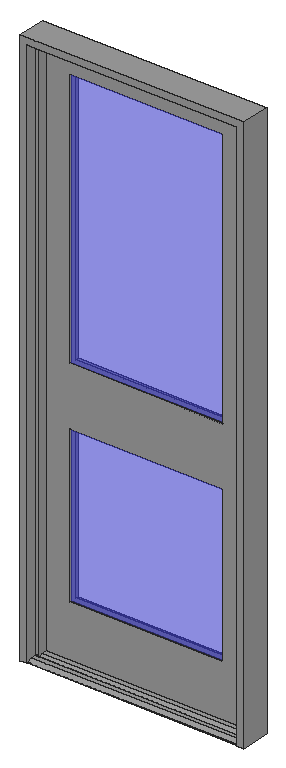
Revit family "MSD-375 DOOR-1-CW_v04", category Curtain Panels, Revit 2015
Parameters
  Width [instance] = 3' - 2"
  URL = "obe.com"
  Rough Width [instance] = 3' - 0"
  Panel Width [instance] = [Min-Max Panel Width]  # 3' - 0"
  Panel Offset [instance] = 0' - 0"
  Offset [instance] = 0' - 1"
  Model = "MSD-375 DOOR"
  Min-Max Rough Width [instance] = if(and((Rough Width > 3' 2 1/4"), (Rough Width < 3' 8 1/256")), Rough Width, 3' 2 1/4")  # 3' - 2 1/4"
  Min-Max Panel Width [instance] = if(and((Rough Width > 3' 2 1/4"), (Rough Width < 3' 8 1/256")), Rough Width - 0' 2 1/4", 3' 0")  # 3' - 0"
  Manufacturer = "Oldcastle BuildingEnvelope®"
  Keynote = "08 11 00"
  Hinge [instance] = yes
  Height [instance] = 8' - 0"
  Pushbar Height [instance] = 3' - 5 1/4"  # constant formula
  Glass Material = Glass
  Frame Material = Aluminum
  Door Panel Height [instance] = Height - 0' 0 29/32"  # 7' - 11 3/32"
  Description = "MSD-375 - 1\" Door Infill"
  Assembly Code = "B2030"
  Analytic Construction = "<None>"
  8 Muntin [instance] = not([6.5 Muntin])  # yes
  6.5 Muntin [instance] = no
Reference planes (in)
  plane 1 "Front": y = 0
  plane 2: z = 0
  plane 3 "Center (Left/Right)": x = 0
  plane 4 "Left": x = -19
  plane 5 "Right": x = 19
  plane 6 "Top": z = 96
  plane 7 "Offset": y = -1
  plane 8: y = -1.86965
  plane 9: y = -1.86965
  plane 10: x = 19.125
  plane 11: x = -19.125
Forms (in)
  Sweep 1, solid, material "Aluminum" <- "Frame Material"
    path origin (0, -1, 0) x (-1, 0, 0) y (0, 0, 1)
      loop
        line (19.125, 0) -> (19.125, 96)
    profile origin (-19.125, -1, 48) x (1, 0, 0) y (0, 1, 0)
      loop
        line (1.125, -1.8814) -> (1.125, 0) -> (0, 0) -> (0, -5) -> (1.125, -5) -> (1.125, -3.2564) -> (1.875, -3.2564) -> (1.875, -1.8814) -> (1.125, -1.8814)
  Sweep 2, solid, material "Aluminum" <- "Frame Material"
    path origin (0, -1, 0) x (-1, 0, 0) y (0, 0, 1)
      loop
        line (-19.125, 0) -> (-19.125, 96)
    profile origin (19.125, -1, 48) x (1, 0, 0) y (0, 1, 0)
      loop
        line (-1.125, -1.8814) -> (-1.875, -1.8814) -> (-1.875, -3.2564) -> (-1.125, -3.2564) -> (-1.125, -5) -> (0, -5) -> (0, 0) -> (-1.125, 0) -> (-1.125, -1.8814)
  Sweep 3, solid, material "Aluminum" <- "Frame Material"
    path origin (0, -1, 0) x (-1, 0, 0) y (0, 0, 1)
      loop
        line (-19.125, 96) -> (19.125, 96)
    profile origin (0, -1, 96) x (0, 0, 1) y (0, 1, 0)
      loop
        line (-1.125, 0) -> (-1.125, -1.875) -> (-1.625, -1.875) -> (-1.625, -3.24) -> (-1.125, -3.24) -> (-1.125, -5) -> (0, -5) -> (0, 0) -> (-1.125, 0)
Cuts and joins
  joined: Sweep 1, Sweep 2, Sweep 3
Text (in)
  text "Exterior" at (-54.29358, 31.38743, 0), in view "Ref. Level"
  text "Exterior" at (480, 41.53993, 89.60405), in view "Right"
  text "Exterior" at (-240, 57.82419, 105.78864), in view "Left"
Dimensions and locks (in)
  equal spacing: plane 4 "Left", plane 3 "Center (Left/Right)", plane 5 "Right"
  "Width": plane 4 "Left" to plane 5 "Right"
  "Height": plane 6 "Top" to plane 2
  "Offset": plane 1 "Front" to plane 7 "Offset"
  locked: plane 7 "Offset" to plane 8 at 0.86965
  locked: plane 7 "Offset" to plane 9 at 0.86965
  locked: plane 7 "Offset" to nested 3 at 0.86325
  locked: plane 6 "Top" to nested 3 at 2.5
  locked: plane 10 to nested 2 at 1.25
  locked: nested 4 to plane 11 at 1.25
  equal spacing: plane 11, plane 3 "Center (Left/Right)", plane 10
  "Min-Max Rough Width": plane 11 to plane 10
  aligned and locked: level to plane 2
  aligned and locked: plane 6 "Top" to Sweep 1 sketch curve
  aligned and locked: level to Sweep 1 sketch curve
  aligned and locked: plane 6 "Top" to Sweep 2 sketch curve
  aligned and locked: level to Sweep 2 sketch curve
  aligned and locked: nested 2 to plane 8
  aligned and locked: nested 4 to plane 9
  aligned and locked: plane 3 "Center (Left/Right)" to nested 1
  aligned and locked: plane 6 "Top" to Sweep 3 sketch curve
  aligned and locked: nested 1 to plane 7 "Offset"
  aligned and locked: plane 11 to Sweep 1 sketch curve
  aligned and locked: plane 10 to Sweep 2 sketch curve
  aligned and locked: plane 11 to Sweep 3 sketch curve
  aligned and locked: plane 10 to Sweep 3 sketch curve
Automatic sketch dimensions
  Sweep 1 sketch curve to profile plane = 0' - 0"
  Sweep 1 sketch curve to plane 7 "Offset" = 0' - 0"
  Sweep 1 sketch curve to profile plane = 0' - 1 1/8"  (x2)
  Sweep 1 sketch curve to Sweep 1 sketch curve = 0' - 0 3/4"
  Sweep 1 sketch curve to plane 7 "Offset" = 0' - 1.8814"
  Sweep 1 sketch curve to Sweep 1 sketch curve = 0' - 1 3/8"
  Sweep 1 sketch curve to Sweep 1 sketch curve = 0' - 1.7436"
  Sweep 2 sketch curve to plane 7 "Offset" = 0' - 0"
  Sweep 2 sketch curve to profile plane = 0' - 0"
  profile plane to Sweep 2 sketch curve = 0' - 1 1/8"
  Sweep 2 sketch curve to Sweep 2 sketch curve = 0' - 1 1/8"
  Sweep 2 sketch curve to Sweep 2 sketch curve = 0' - 0 3/4"
  Sweep 2 sketch curve to plane 7 "Offset" = 0' - 1.8814"
  Sweep 2 sketch curve to Sweep 2 sketch curve = 0' - 1 3/8"
  Sweep 2 sketch curve to Sweep 2 sketch curve = 0' - 1.7436"
  Sweep 3 sketch curve to plane 7 "Offset" = 0' - 0"
  profile plane to Sweep 3 sketch curve = 0' - 0"
  profile plane to Sweep 3 sketch curve = 0' - 1 1/8"
  Sweep 3 sketch curve to plane 7 "Offset" = 0' - 1 7/8"
  Sweep 3 sketch curve to Sweep 3 sketch curve = 0' - 0 1/2"  (x2)
  Sweep 3 sketch curve to Sweep 3 sketch curve = 0' - 1.365"
  Sweep 3 sketch curve to Sweep 3 sketch curve = 0' - 1.76"
Nested families (in)
  nested 1: "MSD-375 DOOR-1-Panel_v03" at (0, -32, 0), Frame Material <- "Frame Material", Glass Material <- "Glass Material", 6.5 Muntin <- "6.5 Muntin", 8 Muntin <- "8 Muntin", Hinge <- "Hinge", Height <- "Door Panel Height", Width <- "Panel Width", Offset <- "Panel Offset", type "MSD-375 DOOR-1-Panel_v03"
    with built-in parameter 1001301 3' - 0", Pushbar Height 3' - 5 1/4", Offset 0' - 0", Hinge yes, built-in parameter 1001300 7' - 11 3/32", Glass at Muntin 0' - 8 7/16", Glass Material Glass, Frame Material Aluminum, 8 Muntin yes, 6.5 Muntin no
  nested 2: "HINGE STILE-F-DI" at (20.375, -1.86965, 0) x (0, -1, 0) z (0, 0, 1), type "HINGE STILE-F-DI"
  nested 3: "TOP RAIL-F-DI" at (-33, -1.86325, 98.5) x (0, -1, 0) z (-1, 0, 0), type "TOP RAIL-F-DI"
  nested 4: "HINGE STILE-F-DI" at (-20.375, -1.86965, 0) x (0, -1, 0) z (0, 0, 1), type "HINGE STILE-F-DI"
Definition of nested family "MSD-375 DOOR-1-Panel_v03"
  Parameters (values of type "MSD-375 DOOR-1-Panel_v03")
    Width [instance] = 3' - 0"
    Pushbar Height [instance] = 3' - 5 1/4"  # constant formula
    Offset [instance] = 0' - 2"
    Hinge [instance] = yes
    Height [instance] = 7' - 0"
    Glass at Muntin [instance] = if([6.5 Muntin], 0' 6 15/16", 0' 8 7/16")  # 0' - 6 15/16"
    Glass Material [instance] = none
    Frame Material [instance] = none
    Analytic Construction = "<None>"
    8 Muntin [instance] = not([6.5 Muntin])  # no
    6.5 Muntin [instance] = yes
  Reference planes (in)
    plane 1 "00": y = 28.04297
    plane 2: z = 0
    plane 3 "Center (Left/Right)": x = 0
    plane 4: z = 84
    plane 5: x = -18
    plane 6: x = 18
    plane 7 "Center (Front/Back)": y = 31
    plane 8 "Exterior": y = 28.32422
    plane 9: z = 42
    plane 10: z = 80.96875
    plane 11: z = 80.281
    plane 12: z = 8.90625
    plane 13: z = 37.78125
    plane 14: z = 44.71875
    plane 15: x = -14.031
    plane 16: x = 13.77845
    plane 17 "Offset": y = 29
    plane 18: z = 41.25
  Forms (in)
    Sweep 1, solid, material <- "Frame Material"
      path origin (0, 28.04297, 0) x (1, 0, 0) y (0, 0, 1)
        loop
          line (-17.891, 84) -> (17.63845, 84)
      profile origin (-0.12627, 28.04297, 84) x (0, 0, 1) y (0, -1, 0)
        loop
          line (-4.50328, -0.957) -> (-0.50328, -0.957) -> (-0.50328, 0.793) -> (-4.50328, 0.793) -> (-4.50328, 0.5) -> (-3.719, 0.5) -> (-3.719, -0.5) -> (-4.50328, -0.5) -> (-4.50328, -0.957)
    Sweep 2, solid, material <- "Frame Material"
      path origin (0, 28.04297, 0) x (1, 0, 0) y (0, 0, 1)
        loop
          line (17.69218, 0) -> (-17.891, 0)
      profile origin (-0.09941, 28.04297, 0) x (0, 0, -1) y (0, -1, 0)
        loop
          line (-9.6875, -0.957) -> (-0.6875, -0.957) -> (-0.6875, 0.793) -> (-9.6875, 0.793) -> (-9.6875, 0.5) -> (-8.9065, 0.5) -> (-8.9065, -0.5) -> (-9.6875, -0.5) -> (-9.6875, -0.957)
        loop
          line (-0.125, -1.707) -> (0, -1.707) -> (0, 3.918) -> (-0.125, 3.918) -> (-0.5, 3.168) -> (-0.5, 2.3005) -> (-0.562, 2.3005) -> (-0.844, 1.8115) -> (-0.844, 0.8165) -> (-0.5, 0.8165) -> (-0.5, -0.957) -> (-0.125, -1.707)
    Sweep 3, solid, material <- "Frame Material"
      path origin (0, 28.04297, 0) x (1, 0, 0) y (0, 0, 1)
        loop
          line (18, 83.49672) -> (18, 0.6875)
      profile origin (18, 28.04297, 42.09211) x (0, -1, 0) y (1, 0, 0)
        loop
          line (-0.957, -5.00255) -> (-0.5, -5.00255) -> (-0.5, -4.22155) -> (0.5, -4.22155) -> (0.5, -5.00255) -> (0.793, -5.00255) -> (0.793, -0.36155) -> (-0.957, -0.25255) -> (-0.957, -5.00255)
    Sweep 4, solid, material <- "Frame Material"
      path origin (0, 28.04297, 0) x (1, 0, 0) y (0, 0, 1)
        loop
          line (-18, 83.49672) -> (-18, 0.6875)
      profile origin (-18, 28.04297, 42.09211) x (0, -1, 0) y (1, 0, 0)
        loop
          line (-0.957, 0) -> (0.793, 0.109) -> (0.793, 4.75) -> (0.5, 4.75) -> (0.5, 3.969) -> (-0.5, 3.969) -> (-0.5, 4.75) -> (-0.957, 4.75) -> (-0.957, 0)
    Sweep 5, solid, material <- "Frame Material"
      path origin (0, 28.04297, 0) x (1, 0, 0) y (0, 0, 1)
        loop
          line (17.63845, 42) -> (-17.891, 42)
      profile origin (-0.12627, 28.04297, 42) x (0, 0, -1) y (0, -1, 0)
        loop
          line (5.00025, -0.957) -> (5.00025, -0.5) -> (4.21875, -0.5) -> (4.21875, 0.5) -> (5.00025, 0.5) -> (5.00025, 0.793) -> (-3.49975, 0.793) -> (-3.49975, 0.5) -> (-2.71875, 0.5) -> (-2.71875, -0.50555) -> (-3.49975, -0.50555) -> (-3.49975, -0.957) -> (5.00025, -0.957)
    Extrusion 6, solid, material <- "Glass Material", detail levels coarse
      sketch origin (0, 0, 0) x (1, 0, 0) y (0, 1, 0)
        loop
          line (-14.031, 28.54297) -> (-14.031, 27.54297) -> (13.77845, 27.54297) -> (13.77845, 28.54297) -> (-14.031, 28.54297)
      from 44.71875 to 80.281
    Extrusion 7, solid, material <- "Glass Material", detail levels medium+fine
      sketch origin (0, 0, 0) x (1, 0, 0) y (0, 1, 0)
        loop
          line (13.77845, 28.54297) -> (-14.031, 28.54297) -> (-14.031, 28.34297) -> (13.77845, 28.34297) -> (13.77845, 28.54297)
        loop
          line (-14.031, 27.97297) -> (-14.031, 27.77297) -> (13.77845, 27.77297) -> (13.77845, 27.97297) -> (-14.031, 27.97297)
        loop
          line (13.77845, 27.74297) -> (-14.031, 27.74297) -> (-14.031, 27.54297) -> (13.77845, 27.54297) -> (13.77845, 27.74297)
      from 44.71875 to 80.281
    Extrusion 8, solid, material <- "Glass Material", detail levels coarse
      sketch origin (0, 0, 0) x (1, 0, 0) y (0, 1, 0)
        loop
          line (-14.031, 28.54297) -> (-14.031, 27.54297) -> (13.77845, 27.54297) -> (13.77845, 28.54297) -> (-14.031, 28.54297)
      from 8.90625 to 37.78125
    Extrusion 9, solid, material <- "Glass Material", detail levels medium+fine
      sketch origin (0, 0, 0) x (1, 0, 0) y (0, 1, 0)
        loop
          line (13.77845, 28.54297) -> (-14.031, 28.54297) -> (-14.031, 28.34297) -> (13.77845, 28.34297) -> (13.77845, 28.54297)
        loop
          line (-14.031, 27.97297) -> (-14.031, 27.77297) -> (13.77845, 27.77297) -> (13.77845, 27.97297) -> (-14.031, 27.97297)
        loop
          line (13.77845, 27.74297) -> (-14.031, 27.74297) -> (-14.031, 27.54297) -> (13.77845, 27.54297) -> (13.77845, 27.74297)
      from 8.90625 to 37.78125
  Cuts and joins
    joined: Sweep 1, Sweep 2, Sweep 3, Sweep 4, Sweep 5
  Lines and regions (in)
    model lines
      curve 1: line (13.36845, 28.32422, 79.871) -> (-13.621, 28.32422, 42)
      curve 2: line (-13.621, 28.32422, 42) -> (13.36845, 28.32422, 9.4375)
  Dimensions and locks (in)
    equal spacing: level, plane 9, plane 4
    locked: Sweep 3 sketch curve to plane 4 at 0.50328
    locked: Sweep 4 sketch curve to plane 4 at 0.50328
    locked: plane 4 to plane 10 at 3.03125
    Extrusion 6 sketch curve to plane 1 "00" to Extrusion 6 sketch curve = 0' - 0 1/2" locked, 0' - 0 1/2" locked
    "Glass at Muntin": plane 13 to plane 14
    locked: plane 11 to plane 4 at 3.719
    plane 12 to plane 2 = 0' - 8 29/32"
    "Height": plane 4 to plane 2
    locked: plane 5 to plane 15 at 3.969
    locked: plane 16 to plane 6 at 4.22155
    locked: plane 6 to Sweep 2 sketch curve at 0.30782
    equal spacing: plane 5, plane 3 "Center (Left/Right)", plane 6
    "Width": plane 5 to plane 6
    locked: plane 6 to Sweep 5 sketch curve at 0.36155
    locked: plane 6 to Sweep 1 sketch curve at 0.36155
    locked: plane 14 to Sweep 5 sketch curve at 0.781  (x2)
    locked: Sweep 5 sketch curve to plane 13 at 0.7815
    locked: plane 13 to Sweep 5 sketch curve at 0.7815
    plane 1 "00" to plane 8 "Exterior" to plane 17 "Offset" = 0' - 0 9/32" locked, 0' - 0 173/256" locked
    "Offset": plane 17 "Offset" to plane 7 "Center (Front/Back)"
    locked: Sweep 2 sketch curve to plane 5 at 0.109
    locked: Sweep 5 sketch curve to plane 5 at 0.109
    locked: Sweep 1 sketch curve to plane 5 at 0.109
    equal spacing: plane 13, plane 18, plane 14
    "Pushbar Height": plane 2 to plane 18
    Extrusion 8 sketch curve to Extrusion 8 sketch curve to plane 17 "Offset" = 0' - 1" locked, 0' - 0 117/256" locked
    Extrusion 7 sketch curve to Extrusion 7 sketch curve to Extrusion 7 sketch curve to Extrusion 7 sketch curve to Extrusion 7 sketch curve to Extrusion 7 sketch curve to plane 17 "Offset" = 0' - 0.2" locked, 0' - 0.03" locked, 0' - 0.2" locked, 0' - 0.37" locked, 0' - 0.2" locked, 0' - 0 117/256" locked
    Extrusion 9 sketch curve to Extrusion 9 sketch curve to Extrusion 9 sketch curve to Extrusion 9 sketch curve to Extrusion 9 sketch curve to Extrusion 9 sketch curve to plane 17 "Offset" = 0' - 0.2" locked, 0' - 0.03" locked, 0' - 0.2" locked, 0' - 0.37" locked, 0' - 0.2" locked, 0' - 0 117/256" locked
    locked: plane 2 to Sweep 3 sketch curve at 0.6875
    locked: plane 2 to Sweep 4 sketch curve at 0.6875
    locked: nested 1 to plane 17 "Offset" at 0.88281
    aligned and locked: plane 2 to level
    aligned and locked: plane 3 "Center (Left/Right)" to nested 1
    aligned and locked: Sweep 1 sketch curve to plane 4
    aligned and locked: Sweep 2 sketch curve to level
    aligned and locked: level to nested 2
    aligned and locked: Sweep 5 sketch curve to plane 9
    aligned and locked: plane 11 to Extrusion 7
    aligned and locked: plane 11 to Extrusion 6
    aligned and locked: plane 14 to Extrusion 7
    aligned and locked: plane 14 to Extrusion 6
    aligned and locked: Extrusion 8 to plane 13
    aligned and locked: Extrusion 9 to plane 13
    aligned and locked: plane 12 to Extrusion 9
    aligned and locked: plane 12 to Extrusion 8
    aligned and locked: Sweep 3 sketch curve to plane 6
    aligned and locked: Sweep 4 sketch curve to plane 5
    aligned and locked: plane 16 to Extrusion 6 sketch curve
    aligned and locked: Extrusion 6 sketch curve to plane 15
    aligned and locked: Extrusion 8 sketch curve to plane 15
    aligned and locked: plane 16 to Extrusion 8 sketch curve
    aligned and locked: nested 2 to plane 1 "00"
    aligned and locked: plane 16 to Extrusion 9  (x3)
    aligned and locked: Extrusion 9 to plane 15  (x2)
  Automatic sketch dimensions
    curve 2 to plane 9 = 0' - 0"
    curve 2 to plane 16 = 0' - 0.41"
    curve 1 to plane 16 = 0' - 0.41"
    curve 2 to plane 12 = 0' - 0 17/32"
    plane 11 to curve 1 = 0' - 0.41"
    plane 15 to curve 2 = 0' - 0.41"
    profile plane to Sweep 3 sketch curve = 0' - 0.25255"
    Sweep 3 sketch curve to plane 1 "00" = 0' - 0.957"
    Sweep 3 sketch curve to Sweep 3 sketch curve = 0' - 0.457"
    plane 1 "00" to Sweep 3 sketch curve = 0' - 0 1/2"
    Sweep 3 sketch curve to Sweep 3 sketch curve = 0' - 0.293"
    profile plane to Sweep 3 sketch curve = 0' - 0.36155"
    Sweep 3 sketch curve to Sweep 3 sketch curve = 0' - 3.86"
    Sweep 3 sketch curve to Sweep 3 sketch curve = 0' - 0.781"  (x2)
    Sweep 4 sketch curve to profile plane = 0' - 0"
    Sweep 4 sketch curve to plane 1 "00" = 0' - 0.957"
    Sweep 4 sketch curve to Sweep 4 sketch curve = 0' - 0.457"
    plane 1 "00" to Sweep 4 sketch curve = 0' - 0 1/2"
    Sweep 4 sketch curve to Sweep 4 sketch curve = 0' - 0.293"
    Sweep 4 sketch curve to profile plane = 0' - 0.109"
    Sweep 4 sketch curve to Sweep 4 sketch curve = 0' - 3.86"
    Sweep 4 sketch curve to Sweep 4 sketch curve = 0' - 0.781"  (x2)
    Sweep 1 sketch curve to plane 1 "00" = 0' - 0.957"
    profile plane to Sweep 1 sketch curve = 0' - 4.50328"
    Sweep 1 sketch curve to Sweep 1 sketch curve = 0' - 0"
    Sweep 1 sketch curve to Sweep 1 sketch curve = 0' - 0.78428"
    profile plane to Sweep 1 sketch curve = 0' - 0.50328"
    Sweep 1 sketch curve to Sweep 1 sketch curve = 0' - 0.457"
    plane 1 "00" to Sweep 1 sketch curve = 0' - 0 1/2"
    Sweep 1 sketch curve to Sweep 1 sketch curve = 0' - 0.293"
    Sweep 5 sketch curve to Sweep 5 sketch curve = 0' - 0.781"
    Sweep 5 sketch curve to Sweep 5 sketch curve = 0' - 0.7815"
    Sweep 5 sketch curve to plane 1 "00" = 0' - 0.957"
    Sweep 5 sketch curve to plane 1 "00" = 0' - 0.50555"
    Sweep 5 sketch curve to plane 1 "00" = 0' - 0 1/2"
    plane 1 "00" to Sweep 5 sketch curve = 0' - 0 1/2"  (x2)
    Sweep 5 sketch curve to Sweep 5 sketch curve = 0' - 0.293"
    Sweep 2 sketch curve to profile plane = 0' - 0"
    Sweep 2 sketch curve to Sweep 2 sketch curve = 0' - 0.282"
    plane 1 "00" to Sweep 2 sketch curve = 0' - 0 1/2"
    Sweep 2 sketch curve to Sweep 2 sketch curve = 0' - 8.8435"
    Sweep 2 sketch curve to Sweep 2 sketch curve = 0' - 0"  (x2)
    Sweep 2 sketch curve to Sweep 2 sketch curve = 0' - 1.0185"
    Sweep 2 sketch curve to Sweep 2 sketch curve = 0' - 0.489"
    profile plane to Sweep 2 sketch curve = 0' - 0 1/8"  (x2)
    profile plane to Sweep 2 sketch curve = 0' - 0 1/2"
    Sweep 2 sketch curve to Sweep 2 sketch curve = 0' - 0.062"
    Sweep 2 sketch curve to Sweep 2 sketch curve = 0' - 0.781"
    Sweep 2 sketch curve to plane 1 "00" = 0' - 0 1/2"
    Sweep 2 sketch curve to Sweep 2 sketch curve = 0' - 0 3/4"  (x2)
    Sweep 2 sketch curve to Sweep 2 sketch curve = 0' - 0.457"
    Sweep 2 sketch curve to Sweep 2 sketch curve = 0' - 0.8675"
    Sweep 2 sketch curve to Sweep 2 sketch curve = 0' - 0.293"
    plane 15 to Extrusion 7 sketch curve = 0' - 0"  (x2)
    Extrusion 7 sketch curve to Extrusion 7 sketch curve = 0' - 0"
    Extrusion 7 sketch curve to plane 16 = 0' - 0"  (x3)
    Extrusion 9 sketch curve to plane 15 = 0' - 0"  (x3)
    Extrusion 9 sketch curve to plane 16 = 0' - 0"  (x3)
    Sweep 2 sketch curve to Sweep 2 sketch curve = 0' - 0.1565"
    Sweep 2 sketch curve to Sweep 2 sketch curve = 0' - 0 3/16"
    Sweep 2 sketch curve to Sweep 2 sketch curve = 0' - 0.0235"
  Nested families (in)
    nested 1: "MSD-375 DOOR-1-Plan View_v02" at (0, 28.11719, 0), Width <- "Width", Hinge <- "Hinge", type "MSD-375 DOOR-1-Plan View_v02"
    nested 2: "MSD-375 DOOR-1-Section_v02" at (0, 28.04297, 0) x (0, -1, 0) z (1, 0, 0), Height <- "Height", 8 Muntin <- "8 Muntin", 6.5 Muntin <- "6.5 Muntin", type "MSD-375 DOOR-1-Section_v02"
      with Pushbar Height 3' - 5 1/4", Max Glass Top 1' - 0", Height 7' - 0", Glass at Muntins 0' - 6 15/16", Glass Top 1' - 0", 8 Muntin no, 6.5 Muntin yes
  Definition of nested family "MSD-375 DOOR-1-Plan View_v02"
    Parameters (values of type "MSD-375 DOOR-1-Plan View_v02")
      Width [instance] = 3' - 0"
      Hinge [instance] = yes
    Reference planes (in)
      plane 1 "Center (Front/Back)": y = 0
      plane 2: z = 0
      plane 3 "Center (Left/Right)": x = 0
      plane 4: x = -18
      plane 5: x = 18
      plane 6: x = 16.59122
      plane 7: y = 36
      plane 8: y = 32.031
      plane 9: y = 5.38756
      plane 10: x = 13.77845
      plane 11: x = -14.031
    Lines and regions (in)
      detail lines, in view "Ref. Level"
        curve 1: arc (-18, 0, 0) -> (-7.67439, 25.23541, 0) -> (17.37921, 35.99465, 0) r 36
    Dimensions and locks (in)
      "Width": plane 4 to plane 5
      equal spacing: plane 4, plane 3 "Center (Left/Right)", plane 5
      "Width": plane 1 "Center (Front/Back)" to plane 7
      plane 10 to plane 6 to plane 5 to nested 7 to nested 2 = 0' - 2.81276" locked, 0' - 1.40878" locked, 0' - 2 1/4" locked, 0' - 0.18445" locked
      nested 3 to plane 7 to plane 8 = 0' - 2.687" locked, 0' - 3.969" locked
      nested 4 to plane 4 to plane 11 = 0' - 2.687" locked, 0' - 3.969" locked
      plane 9 to plane 1 "Center (Front/Back)" to nested 7 to nested 1 = 0' - 5.38756", 0' - 0.02563" locked, 0' - 1.24281" locked
      aligned and locked: plane 1 "Center (Front/Back)" to nested 4
      aligned and locked: plane 6 to nested 3
      aligned and locked: nested 1 to plane 6
      aligned and locked: plane 1 "Center (Front/Back)" to nested 6
      aligned and locked: plane 10 to nested 6
      aligned and locked: nested 6 to plane 11
      aligned and locked: nested 5 to plane 6
      aligned and locked: nested 5 to plane 9
      aligned and locked: plane 8 to nested 5
    Automatic sketch dimensions
      plane 1 "Center (Front/Back)" to curve 1 = 0' - 0"
      curve 1 to plane 4 = 0' - 0"
      curve 1 to plane 5 = 0' - 0"
      plane 7 to curve 1 = 0' - 0.00535"
    Nested families (in)
      nested 1: "HINGE STILE-DI" at (16.59122, -1.26844, 0) x (0, 1, 0) z (0, 0, 1), type "HINGE STILE-DI", in view "Ref. Level"
      nested 2: "HINGE STILE-DI" at (20.43445, 0, 0) x (-1, 0, 0) z (0, 0, 1), type "HINGE STILE-DI", in view "Ref. Level", not visible
      nested 3: "HINGE STILE-DI" at (16.59122, 38.687, 0) x (0, -1, 0) z (0, 0, 1), type "HINGE STILE-DI", in view "Ref. Level"
      nested 4: "HINGE STILE-DI" at (-20.687, 0, 0), type "HINGE STILE-DI", in view "Ref. Level", not visible
      nested 5: "Glass-DI" at (16.59122, 5.38756, 0) x (0, 1, 0) z (0, 0, 1), type "Glass-DI", in view "Ref. Level"
        with Glass Width 2' - 2.64344"
      nested 6: "Glass-DI" at (-14.031, 0, 0), type "Glass-DI", in view "Ref. Level", not visible
        with Glass Width 2' - 3.80945"
      nested 7: "HINGE-DI1" at (20.25, -0.02563, 0) x (-1, 0, 0) z (0, 0, 1), visible <- "Hinge", type "HINGE-DI 2", in view "Ref. Level"
    Definition of nested family "HINGE STILE-DI"
      Reference planes (in)
        plane 1 "Center (Front/Back)": y = 0
        plane 2: z = 0
        plane 3 "Center (Left/Right)": x = 0
    Definition of nested family "Glass-DI"
      Parameters (values of type "Glass-DI")
        Glass Width [instance] = 1' - 1.156"
      Reference planes (in)
        plane 1 "Center (Front/Back)": y = 0
        plane 2: z = 0
        plane 3 "Center (Left/Right)": x = 0
        plane 4: x = 13.156
      Lines and regions (in)
        detail lines, in view "Ref. Level"
          curve 1: line (0, -0.5, 0) -> (13.156, -0.5, 0)
          curve 14: line (0, 0.5, 0) -> (13.156, 0.5, 0)
        detail lines, in view "Ref. Level", detail levels fine
          curve 2: line (0, -0.45, 0) -> (13.156, -0.45, 0)
          curve 3: line (0, -0.4, 0) -> (13.156, -0.4, 0)
          curve 4: line (0, -0.35, 0) -> (13.156, -0.35, 0)
          curve 7: line (0, 0.12, 0) -> (13.156, 0.12, 0)
          curve 8: line (0, 0.17, 0) -> (13.156, 0.17, 0)
          curve 9: line (0, 0.22, 0) -> (13.156, 0.22, 0)
          curve 11: line (0, 0.35, 0) -> (13.156, 0.35, 0)
          curve 12: line (0, 0.4, 0) -> (13.156, 0.4, 0)
          curve 13: line (0, 0.45, 0) -> (13.156, 0.45, 0)
        detail lines, in view "Ref. Level", detail levels medium+fine
          curve 5: line (0, -0.3, 0) -> (13.156, -0.3, 0)
          curve 6: line (0, 0.07, 0) -> (13.156, 0.07, 0)
          curve 10: line (0, 0.27, 0) -> (13.156, 0.27, 0)
          curve 15: line (0, 0.3, 0) -> (13.156, 0.3, 0)
      Dimensions and locks (in)
        "Glass Width": plane 3 "Center (Left/Right)" to plane 4
        aligned and locked: plane 4 to curve 1
        aligned and locked: plane 4 to curve 2
        aligned and locked: plane 4 to curve 3
        aligned and locked: plane 4 to curve 4
        aligned and locked: plane 4 to curve 5
        aligned and locked: plane 4 to curve 6
        aligned and locked: plane 4 to curve 7
        aligned and locked: plane 4 to curve 8
        aligned and locked: plane 4 to curve 9
        aligned and locked: plane 4 to curve 10
        aligned and locked: plane 4 to curve 15
        aligned and locked: plane 4 to curve 11
        aligned and locked: plane 4 to curve 12
        aligned and locked: plane 4 to curve 13
        aligned and locked: plane 4 to curve 14
        aligned and locked: plane 3 "Center (Left/Right)" to curve 2
        aligned and locked: plane 3 "Center (Left/Right)" to curve 1
        aligned and locked: plane 3 "Center (Left/Right)" to curve 5
        aligned and locked: plane 3 "Center (Left/Right)" to curve 4
        aligned and locked: plane 3 "Center (Left/Right)" to curve 3
        aligned and locked: plane 3 "Center (Left/Right)" to curve 7
        aligned and locked: plane 3 "Center (Left/Right)" to curve 6
        aligned and locked: plane 3 "Center (Left/Right)" to curve 8
        aligned and locked: plane 3 "Center (Left/Right)" to curve 10
        aligned and locked: plane 3 "Center (Left/Right)" to curve 9
        aligned and locked: plane 3 "Center (Left/Right)" to curve 15
        aligned and locked: plane 3 "Center (Left/Right)" to curve 13
        aligned and locked: plane 3 "Center (Left/Right)" to curve 12
        aligned and locked: plane 3 "Center (Left/Right)" to curve 11
        aligned and locked: plane 3 "Center (Left/Right)" to curve 14
      Automatic sketch dimensions
        plane 1 "Center (Front/Back)" to curve 1 = 0' - 0 1/2"
        curve 15 to plane 1 "Center (Front/Back)" = 0' - 0.3"
        curve 1 to curve 2 = 0' - 0.05"
        curve 2 to curve 3 = 0' - 0.05"
        curve 3 to curve 4 = 0' - 0.05"
        curve 4 to curve 5 = 0' - 0.05"
        curve 6 to plane 1 "Center (Front/Back)" = 0' - 0.07"
        curve 6 to curve 7 = 0' - 0.05"
        curve 7 to curve 8 = 0' - 0.05"
        curve 8 to curve 9 = 0' - 0.05"
        curve 10 to curve 15 = 0' - 0.03"
        curve 15 to curve 11 = 0' - 0.05"
        curve 11 to curve 12 = 0' - 0.05"
        curve 12 to curve 13 = 0' - 0.05"
        curve 13 to curve 14 = 0' - 0.05"
    Definition of nested family "HINGE-DI1"
      Reference planes (in)
        plane 1 "Center (Front/Back)": y = 0
        plane 2: z = 0
        plane 3 "Center (Left/Right)": x = 0
  Definition of nested family "MSD-375 DOOR-1-Section_v02"
    Parameters (values of type "MSD-375 DOOR-1-Section_v02")
      Pushbar Height [instance] = 3' - 5 1/4"  # constant formula
      Max Glass Top [instance] = if(Glass Top < Height, Glass Top, Height - 0' 8 29/32" - 0' 5")  # 4' - 0.031"
      Height [instance] = 7' - 0"
      Glass at Muntins [instance] = if([6.5 Muntin], 0' 6 15/16", 0' 8 7/16")  # 0' - 8 7/16"
      Glass Top [instance] = 4' - 0.031"
      8 Muntin [instance] = not([6.5 Muntin])  # yes
      6.5 Muntin [instance] = no
    Reference planes (in)
      plane 1 "Center (Front/Back)": y = 0
      plane 2: z = 0
      plane 3 "Center (Left/Right)": x = 0
      plane 4: y = 8.9065
      plane 5: y = 80.281
      plane 6: y = 84
      plane 7: y = 45.46875
      plane 8: y = 37.03125
      plane 9: y = 46.24975
      plane 10: y = 41.25
    Dimensions and locks (in)
      locked: plane 4 to plane 1 "Center (Front/Back)" at 8.9065
      "Height": plane 6 to plane 1 "Center (Front/Back)"
      locked: plane 7 to plane 9 at 0.781
      "Glass at Muntins": plane 8 to plane 7
      nested 1 to plane 6 to plane 5 = 0' - 3 1/4" locked, 0' - 3.719" locked
      equal spacing: plane 8, plane 10, plane 7
      "Pushbar Height": plane 1 "Center (Front/Back)" to plane 10
      aligned and locked: plane 3 "Center (Left/Right)" to nested 1
      aligned and locked: plane 3 "Center (Left/Right)" to nested 2
      aligned and locked: plane 9 to nested 3
      aligned and locked: plane 3 "Center (Left/Right)" to nested 3
      aligned and locked: plane 9 to nested 4
      aligned and locked: plane 3 "Center (Left/Right)" to nested 4
      aligned and locked: plane 4 to nested 5
      aligned and locked: plane 8 to nested 5
      aligned and locked: nested 5 to plane 3 "Center (Left/Right)"
      aligned and locked: nested 6 to plane 5
      aligned and locked: nested 6 to plane 3 "Center (Left/Right)"
      aligned and locked: plane 1 "Center (Front/Back)" to nested 2
      aligned and locked: nested 6 to plane 7
    Nested families (in)
      nested 1: "TOP RAIL-DI" at (0, 87.25, 0), type "TOP RAIL-DI", in view "Ref. Level"
      nested 2: "BOTTOM RAIL-DI" at (0, 9.6875, 0), type "BOTTOM RAIL-DI", in view "Ref. Level"
      nested 3: "6.5 MUNTIN-DI" at (0, 46.24975, 0), visible <- "6.5 Muntin", type "6.5 MUNTIN-DI", in view "Ref. Level"
      nested 4: "8 MUNTIN-DI" at (0, 46.24975, 0), visible <- "8 Muntin", type "8 MUNTIN-DI", in view "Ref. Level"
      nested 5: "Glass-DI" at (0, 37.03125, 0) x (0, -1, 0) z (0, 0, 1), type "Glass-DI", in view "Ref. Level"
        with Glass Width 2' - 4.12475"
      nested 6: "Glass-DI" at (0, 80.281, 0) x (0, -1, 0) z (0, 0, 1), type "Glass-DI", in view "Ref. Level"
        with Glass Width 2' - 10.81225"
    Definition of nested family "TOP RAIL-DI"
      Reference planes (in)
        plane 1 "Center (Front/Back)": y = 0
        plane 2: z = 0
        plane 3 "Center (Left/Right)": x = 0
      Lines and regions (in)
        detail lines, in view "Ref. Level"
          curve 1: line (-0.957, -7.75, 0) -> (-0.957, -3.75, 0)
          curve 2: line (-0.957, -3.75, 0) -> (0.793, -3.75, 0)
          curve 3: line (0.793, -3.75, 0) -> (0.793, -7.75, 0)
          curve 4: line (0.793, -7.75, 0) -> (0.5, -7.75, 0)
          curve 5: line (0.5, -7.75, 0) -> (0.5, -6.969, 0)
          curve 6: line (0.5, -6.969, 0) -> (-0.5, -6.969, 0)
          curve 7: line (-0.5, -6.969, 0) -> (-0.5, -7.75, 0)
          curve 8: line (-0.5, -7.75, 0) -> (-0.957, -7.75, 0)
    Definition of nested family "BOTTOM RAIL-DI"
      Reference planes (in)
        plane 1 "Center (Front/Back)": y = 0
        plane 2: z = 0
        plane 3 "Center (Left/Right)": x = 0
      Lines and regions (in)
        detail lines, in view "Ref. Level"
          curve 1: line (-0.957, -9.1875, 0) -> (-0.957, 0, 0)
          curve 2: line (-0.957, 0, 0) -> (-0.5, 0, 0)
          curve 3: line (-0.5, 0, 0) -> (-0.5, -0.781, 0)
          curve 4: line (-0.5, -0.781, 0) -> (0.5, -0.781, 0)
          curve 5: line (0.5, -0.781, 0) -> (0.5, 0, 0)
          curve 6: line (0.5, 0, 0) -> (0.793, 0, 0)
          curve 7: line (0.793, 0, 0) -> (0.793, -9.1875, 0)
          curve 8: line (0.793, -9, 0) -> (-0.957, -9, 0)
          curve 9: line (0.793, -9.1875, 0) -> (3.168, -9.1875, 0)
          curve 10: line (3.168, -9.1875, 0) -> (3.918, -9.5625, 0)
          curve 11: line (3.918, -9.5625, 0) -> (3.918, -9.6875, 0)
          curve 12: line (3.918, -9.6875, 0) -> (-1.707, -9.6875, 0)
          curve 13: line (-1.707, -9.6875, 0) -> (-1.707, -9.5625, 0)
          curve 14: line (-1.707, -9.5625, 0) -> (-0.957, -9.1875, 0)
    Definition of nested family "6.5 MUNTIN-DI"
      Reference planes (in)
        plane 1 "Center (Front/Back)": y = 0
        plane 2: z = 0
        plane 3 "Center (Left/Right)": x = 0
      Lines and regions (in)
        detail lines, in view "Ref. Level"
          curve 1: line (0.793, 0, 0) -> (0.793, -8.5, 0)
          curve 2: line (0.793, -8.5, 0) -> (0.5, -8.5, 0)
          curve 3: line (0.5, -8.5, 0) -> (0.5, -7.719, 0)
          curve 4: line (0.5, -7.719, 0) -> (-0.5, -7.719, 0)
          curve 5: line (-0.5, -7.719, 0) -> (-0.5, -8.5, 0)
          curve 6: line (-0.5, -8.5, 0) -> (-0.957, -8.5, 0)
          curve 7: line (-0.957, -8.5, 0) -> (-0.957, 0, 0)
          curve 8: line (-0.957, 0, 0) -> (-0.5, 0, 0)
          curve 9: line (-0.5, 0, 0) -> (-0.5, -0.781, 0)
          curve 10: line (-0.5, -0.781, 0) -> (0.5, -0.781, 0)
          curve 11: line (0.5, -0.781, 0) -> (0.5, 0, 0)
          curve 12: line (0.5, 0, 0) -> (0.793, 0, 0)
    Definition of nested family "8 MUNTIN-DI"
      Reference planes (in)
        plane 1 "Center (Front/Back)": y = 0
        plane 2: z = 0
        plane 3 "Center (Left/Right)": x = 0
      Lines and regions (in)
        detail lines, in view "Ref. Level"
          curve 1: line (0.793, 0, 0) -> (0.793, -10, 0)
          curve 2: line (0.793, -10, 0) -> (0.5, -10, 0)
          curve 3: line (0.5, -10, 0) -> (0.5, -9.219, 0)
          curve 4: line (0.5, -9.219, 0) -> (-0.5, -9.219, 0)
          curve 5: line (-0.5, -9.219, 0) -> (-0.5, -10, 0)
          curve 6: line (-0.5, -10, 0) -> (-0.957, -10, 0)
          curve 7: line (-0.957, -10, 0) -> (-0.957, 0, 0)
          curve 8: line (-0.957, 0, 0) -> (-0.5, 0, 0)
          curve 9: line (-0.5, 0, 0) -> (-0.5, -0.781, 0)
          curve 10: line (-0.5, -0.781, 0) -> (0.5, -0.781, 0)
          curve 11: line (0.5, -0.781, 0) -> (0.5, 0, 0)
          curve 12: line (0.5, 0, 0) -> (0.793, 0, 0)
    Definition of nested family "Glass-DI"
      Parameters (values of type "Glass-DI")
        Glass Width [instance] = 1' - 1.156"
      Reference planes (in)
        plane 1 "Center (Front/Back)": y = 0
        plane 2: z = 0
        plane 3 "Center (Left/Right)": x = 0
        plane 4: x = 13.156
      Lines and regions (in)
        detail lines, in view "Ref. Level"
          curve 1: line (0, -0.5, 0) -> (13.156, -0.5, 0)
          curve 14: line (0, 0.5, 0) -> (13.156, 0.5, 0)
        detail lines, in view "Ref. Level", detail levels fine
          curve 2: line (0, -0.45, 0) -> (13.156, -0.45, 0)
          curve 3: line (0, -0.4, 0) -> (13.156, -0.4, 0)
          curve 4: line (0, -0.35, 0) -> (13.156, -0.35, 0)
          curve 7: line (0, 0.12, 0) -> (13.156, 0.12, 0)
          curve 8: line (0, 0.17, 0) -> (13.156, 0.17, 0)
          curve 9: line (0, 0.22, 0) -> (13.156, 0.22, 0)
          curve 11: line (0, 0.35, 0) -> (13.156, 0.35, 0)
          curve 12: line (0, 0.4, 0) -> (13.156, 0.4, 0)
          curve 13: line (0, 0.45, 0) -> (13.156, 0.45, 0)
        detail lines, in view "Ref. Level", detail levels medium+fine
          curve 5: line (0, -0.3, 0) -> (13.156, -0.3, 0)
          curve 6: line (0, 0.07, 0) -> (13.156, 0.07, 0)
          curve 10: line (0, 0.27, 0) -> (13.156, 0.27, 0)
          curve 15: line (0, 0.3, 0) -> (13.156, 0.3, 0)
      Dimensions and locks (in)
        "Glass Width": plane 3 "Center (Left/Right)" to plane 4
        aligned and locked: plane 4 to curve 1
        aligned and locked: plane 4 to curve 2
        aligned and locked: plane 4 to curve 3
        aligned and locked: plane 4 to curve 4
        aligned and locked: plane 4 to curve 5
        aligned and locked: plane 4 to curve 6
        aligned and locked: plane 4 to curve 7
        aligned and locked: plane 4 to curve 8
        aligned and locked: plane 4 to curve 9
        aligned and locked: plane 4 to curve 10
        aligned and locked: plane 4 to curve 15
        aligned and locked: plane 4 to curve 11
        aligned and locked: plane 4 to curve 12
        aligned and locked: plane 4 to curve 13
        aligned and locked: plane 4 to curve 14
        aligned and locked: plane 3 "Center (Left/Right)" to curve 2
        aligned and locked: plane 3 "Center (Left/Right)" to curve 1
        aligned and locked: plane 3 "Center (Left/Right)" to curve 5
        aligned and locked: plane 3 "Center (Left/Right)" to curve 4
        aligned and locked: plane 3 "Center (Left/Right)" to curve 3
        aligned and locked: plane 3 "Center (Left/Right)" to curve 7
        aligned and locked: plane 3 "Center (Left/Right)" to curve 6
        aligned and locked: plane 3 "Center (Left/Right)" to curve 8
        aligned and locked: plane 3 "Center (Left/Right)" to curve 10
        aligned and locked: plane 3 "Center (Left/Right)" to curve 9
        aligned and locked: plane 3 "Center (Left/Right)" to curve 15
        aligned and locked: plane 3 "Center (Left/Right)" to curve 13
        aligned and locked: plane 3 "Center (Left/Right)" to curve 12
        aligned and locked: plane 3 "Center (Left/Right)" to curve 11
        aligned and locked: plane 3 "Center (Left/Right)" to curve 14
      Automatic sketch dimensions
        plane 1 "Center (Front/Back)" to curve 1 = 0' - 0 1/2"
        curve 15 to plane 1 "Center (Front/Back)" = 0' - 0.3"
        curve 1 to curve 2 = 0' - 0.05"
        curve 2 to curve 3 = 0' - 0.05"
        curve 3 to curve 4 = 0' - 0.05"
        curve 4 to curve 5 = 0' - 0.05"
        curve 6 to plane 1 "Center (Front/Back)" = 0' - 0.07"
        curve 6 to curve 7 = 0' - 0.05"
        curve 7 to curve 8 = 0' - 0.05"
        curve 8 to curve 9 = 0' - 0.05"
        curve 10 to curve 15 = 0' - 0.03"
        curve 15 to curve 11 = 0' - 0.05"
        curve 11 to curve 12 = 0' - 0.05"
        curve 12 to curve 13 = 0' - 0.05"
        curve 13 to curve 14 = 0' - 0.05"
Definition of nested family "HINGE STILE-F-DI"
  Reference planes (in)
    plane 1 "Center (Front/Back)": y = 0
    plane 2: z = 0
    plane 3 "Center (Left/Right)": x = 0
  Lines and regions (in)
    detail lines, in view "Ref. Level"
      curve 1: line (4.13035, -1.25, 0) -> (4.13035, -2.375, 0)
      curve 2: line (4.13035, -2.375, 0) -> (2.38675, -2.375, 0)
      curve 3: line (2.38675, -2.375, 0) -> (2.38675, -3.125, 0)
      curve 4: line (2.38675, -3.125, 0) -> (1.01175, -3.125, 0)
      curve 5: line (1.01175, -3.125, 0) -> (1.01175, -2.375, 0)
      curve 6: line (1.01175, -2.375, 0) -> (-0.86965, -2.375, 0)
      curve 7: line (-0.86965, -2.375, 0) -> (-0.86965, -1.25, 0)
      curve 8: line (-0.86965, -1.25, 0) -> (4.13035, -1.25, 0)
Definition of nested family "TOP RAIL-F-DI"
  Reference planes (in)
    plane 1 "Center (Front/Back)": y = 0
    plane 2: z = 0
    plane 3 "Center (Left/Right)": x = 0
  Lines and regions (in)
    detail lines, in view "Ref. Level"
      curve 1: line (-0.86325, -2.5, 0) -> (4.13675, -2.5, 0)
      curve 2: line (4.13675, -2.5, 0) -> (4.13675, -3.625, 0)
      curve 3: line (4.13675, -3.625, 0) -> (2.37675, -3.625, 0)
      curve 4: line (2.37675, -3.625, 0) -> (2.37675, -4.125, 0)
      curve 5: line (2.37675, -4.125, 0) -> (1.01175, -4.125, 0)
      curve 6: line (1.01175, -4.125, 0) -> (1.01175, -3.625, 0)
      curve 7: line (1.01175, -3.625, 0) -> (-0.86325, -3.625, 0)
      curve 8: line (-0.86325, -3.625, 0) -> (-0.86325, -2.5, 0)
